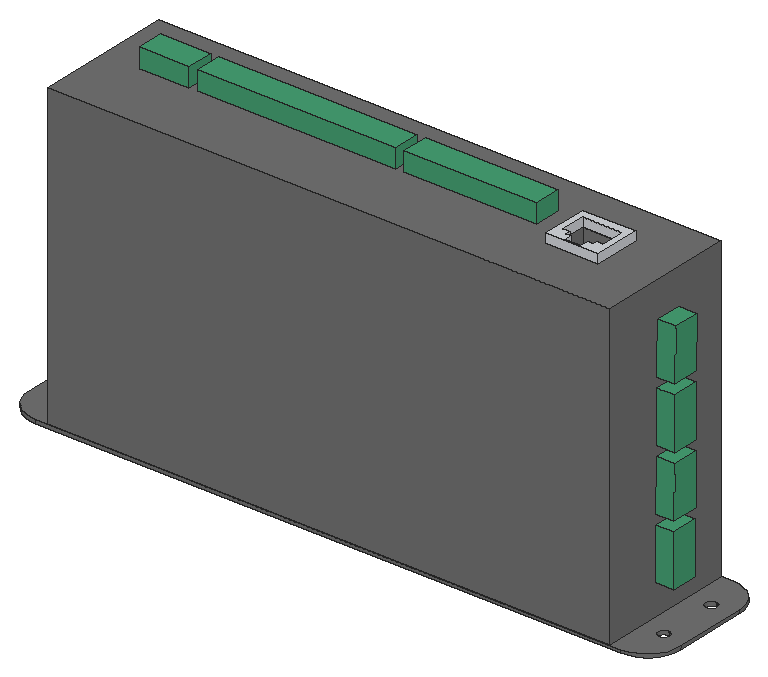
Revit family "Б408_RV17_LOD400 (04.11.23)", category Электрооборудование, Revit 2017
Family settings
  Конфигурация панели = Два столбца, слева направо
  Размер круглого соединителя = Использовать диаметр
  Тип детали = Щит
  На основе рабочей плоскости = Да
  Всегда вертикально = Нет
  При загрузке вырезать с полостями = Нет
  Общий = Нет
  Точка расчета площади = Нет
Parameters (values of type "Б408")
  Стандарт интерфейса связи = "10 Base-T Ethernet (гнездо RJ-45)"
  Смещение_УГО_Y [instance] = 0 mm
  Смещение_УГО_X [instance] = 0 mm
  Раздел проекта [instance] = ""
  Раздел Спецификации [instance] = ""
  Default Elevation = 1219.2 mm
  Напряжение = "12"
  Максимальный ток, проходящий через реле для 28В, не более, А = 4 A
  Максимальный ток, проходящий через реле для 220В, не более, А = 2 A
  Максимальный потребляемый контроллером ток от сети постоянного тока (без дополнительных внешних потребителей), А = 0.1 A
  Максимальное удаление считывающих устройств от контролера, не более, м = 100 mm
  Максимальное количество подключаемых извещателей = 8
  Максимальное количество ключей (пропусков) = 40000
  Количество реле, шт = 4
  Количество подключаемых устройств, управляемых преграждающих (или исполнительных), шт. = 2
  Количество подключаемых считывающих устройств, не более, шт. = 4
  Интерфейс считывающих устройств = "Wiegand 26, Wiegand 40/42"
  Интерфейс для подключения внешних устройств = "RS-485"
  В_Смещение_УГО_Y [instance] = Смещение_УГО_Y + 2000 mm  # 2000 mm
  В_Смещение_УГО_X [instance] = Смещение_УГО_X + 2000 mm  # 2000 mm
  d_короба = 20 mm
  ADSK_Размер_Длина = 197 mm
  ADSK_Размер_Глубина = 92 mm
  ADSK_Размер_Высота = 42 mm
  ADSK_Примечание = ""
  ADSK_Наименование = "Контроллер Б408"
  ADSK_Масса = 0.7
  ADSK_Марка = "СТВФ.426484.040ПС"
  ADSK_Количество = 1
  ADSK_Завод-изготовитель = "ООО «Основа Безопасности»"  # constant formula
  ADSK_Единица измерения = "шт."  # constant formula
  ADSK_URL страницы изделия = "https://stilsoft.ru/products/b408"
  ADSK_URL документации изделия = ""
Reference planes
  plane 1 "По центру (Вперед/Назад)": y = 0
  plane 2: z = 0
  plane 3 "По центру (Влево/Вправо)": x = 0
  plane 4: y = 2000
  plane 5: x = -2000
  plane 6: x = 0
  plane 7: y = 0
  plane 8: x = 98.5
  plane 9: x = -98.5
  plane 10 "2": y = 92
  plane 11 "3": x = 85
  plane 12 "1": x = -85
  plane 13: z = 92
Forms (mm)
  Extrusion 1, solid, material "корпус", detail levels medium+fine
    sketch origin (0, 20.98, 0) x (0, -1, 0) y (1, 0, 0)
      loop
        line (41.959, -88.436) -> (41.959, 88.436)
        arc (41.959, 88.436) -> (39.011, 95.552) -> (31.895, 98.5) r 10.064
        line (31.895, 98.5) -> (9.998, 98.5)
        arc (9.998, 98.5) -> (2.851, 95.54) -> (-0.109, 88.392) r 10.108
        line (-0.109, 88.392) -> (-0.109, -88.236)
        arc (-0.109, -88.236) -> (2.864, -95.414) -> (10.042, -98.388) r 10.152
        line (10.042, -98.388) -> (32.007, -98.388)
        arc (32.007, -98.388) -> (39.044, -95.473) -> (41.959, -88.436) r 9.952
      loop
        circle (29.894, -91.802) r 1.721
      loop
        circle (12.156, -91.802) r 1.721
      loop
        circle (29.894, 91.802) r 1.721
      loop
        circle (12.156, 91.802) r 1.721
    from 0 to 1
  Extrusion 2, void, detail levels medium+fine
    sketch origin (-85, 15.303, 2.628) x (0, 0, -1) y (0, -1, 0)
      loop
        line (-63.485, 9.023) -> (-63.485, 21.583) -> (-79.485, 21.583) -> (-79.485, 9.023) -> (-63.485, 9.023)
    from 0 to -1
  Extrusion 3, void, detail levels medium+fine
    sketch origin (-85, 15.303, 2.628) x (0, 0, -1) y (0, -1, 0)
      loop
        line (-77.65, 19.686) -> (-77.65, 12.726) -> (-74.548, 12.726) -> (-74.548, 9.686) -> (-68.408, 9.686) -> (-68.408, 12.726) -> (-65.335, 12.726) -> (-65.335, 19.686) -> (-77.65, 19.686)
    from 0 to -10
  Extrusion 4, void, detail levels medium+fine
    sketch origin (-85, 15.303, -15.912) x (0, 0, -1) y (0, -1, 0)
      loop
        line (-62.485, 9.023) -> (-62.485, 21.583) -> (-78.485, 21.583) -> (-78.485, 9.023) -> (-62.485, 9.023)
    from 0 to -1
  Extrusion 5, void, detail levels medium+fine
    sketch origin (-85, 15.303, -15.912) x (0, 0, -1) y (0, -1, 0)
      loop
        line (-76.65, 19.686) -> (-76.65, 12.726) -> (-73.548, 12.726) -> (-73.548, 9.686) -> (-67.408, 9.686) -> (-67.408, 12.726) -> (-64.335, 12.726) -> (-64.335, 19.686) -> (-76.65, 19.686)
    from 0 to -10
  Extrusion 6, void, detail levels medium+fine
    sketch origin (-85, 15.303, -34.452) x (0, 0, -1) y (0, -1, 0)
      loop
        line (-62.485, 9.023) -> (-62.485, 21.583) -> (-78.485, 21.583) -> (-78.485, 9.023) -> (-62.485, 9.023)
    from 0 to -1
  Extrusion 7, void, detail levels medium+fine
    sketch origin (-85, 15.303, -34.452) x (0, 0, -1) y (0, -1, 0)
      loop
        line (-76.65, 19.686) -> (-76.65, 12.726) -> (-73.548, 12.726) -> (-73.548, 9.686) -> (-67.408, 9.686) -> (-67.408, 12.726) -> (-64.335, 12.726) -> (-64.335, 19.686) -> (-76.65, 19.686)
    from 0 to -10
  Extrusion 8, void, detail levels medium+fine
    sketch origin (-85, 15.303, -52.991) x (0, 0, -1) y (0, -1, 0)
      loop
        line (-62.485, 9.023) -> (-62.485, 21.583) -> (-78.485, 21.583) -> (-78.485, 9.023) -> (-62.485, 9.023)
    from 0 to -1
  Extrusion 9, void, detail levels medium+fine
    sketch origin (-85, 15.303, -52.991) x (0, 0, -1) y (0, -1, 0)
      loop
        line (-76.65, 19.686) -> (-76.65, 12.726) -> (-73.548, 12.726) -> (-73.548, 9.686) -> (-67.408, 9.686) -> (-67.408, 12.726) -> (-64.335, 12.726) -> (-64.335, 19.686) -> (-76.65, 19.686)
    from 0 to -10
  Extrusion 10, solid, material "пластик", detail levels medium+fine
    sketch origin (0, 20.135, 92) x (-1, 0, 0) y (0, -1, 0)
      loop
        line (74, 11.948) -> (74, 20.026) -> (59, 20.026) -> (59, 11.948) -> (74, 11.948)
    from 0 to 5.7
  Extrusion 11, solid, material "пластик", detail levels medium+fine
    sketch origin (17.483, 20.135, 92) x (-1, 0, 0) y (0, -1, 0)
      loop
        line (74, 11.948) -> (74, 20.026) -> (14, 20.026) -> (14, 11.948) -> (74, 11.948)
    from 0 to 5.7
  Extrusion 12, solid, material "пластик", detail levels medium+fine
    sketch origin (79.965, 20.135, 92) x (-1, 0, 0) y (0, -1, 0)
      loop
        line (74, 11.948) -> (74, 20.026) -> (34, 20.026) -> (34, 11.948) -> (74, 11.948)
    from 0 to 5.7
  Extrusion 13, solid, detail levels medium+fine
    sketch origin (0, 20.135, 92) x (-1, 0, 0) y (0, -1, 0)
      loop
        line (-53.386, 11.948) -> (-53.386, 25.948) -> (-69.386, 25.948) -> (-69.386, 11.948) -> (-53.386, 11.948)
    from 0 to 2.7
  Extrusion 14, void, detail levels medium+fine
    sketch origin (0, 20.135, 92) x (-1, 0, 0) y (0, -1, 0)
      loop
        line (-55.348, 14.248) -> (-55.348, 21.654) -> (-57.324, 21.654) -> (-57.324, 23.057) -> (-58.862, 23.057) -> (-58.862, 25.58) -> (-63.862, 25.58) -> (-63.862, 23.057) -> (-65.399, 23.057) -> (-65.399, 21.654) -> (-67.375, 21.654) -> (-67.375, 14.248) -> (-55.348, 14.248)
    from 2.7 to -7
  Extrusion 15, solid, material "корпус", detail levels medium+fine
    sketch origin (0, 21.089, -1) x (0, -1, 0) y (1, 0, 0)
      loop
        line (41.959, -85) -> (41.959, 85) -> (0, 85) -> (0, -85) -> (41.959, -85)
    from 2 to 93
  Extrusion 16, solid, material "пластик", detail levels medium+fine
    sketch origin (85, 15.905, 1.837) x (0, 0.009583, 0.999954) y (0, -0.999954, 0.009583)
      loop
        line (79.5, 20.026) -> (63.969, 20.026) -> (63.969, 11.948) -> (79.5, 11.948) -> (79.5, 20.026)
    from 0 to 5.7
  Extrusion 17, solid, material "пластик", detail levels medium+fine
    sketch origin (85, 15.728, -16.653) x (0, 0.009583, 0.999954) y (0, -0.999954, 0.009583)
      loop
        line (79.5, 20.026) -> (63.969, 20.026) -> (63.969, 11.948) -> (79.5, 11.948) -> (79.5, 20.026)
    from 0 to 5.7
  Extrusion 18, solid, material "пластик", detail levels medium+fine
    sketch origin (85, 15.55, -35.143) x (0, 0.009583, 0.999954) y (0, -0.999954, 0.009583)
      loop
        line (79.5, 20.026) -> (63.969, 20.026) -> (63.969, 11.948) -> (79.5, 11.948) -> (79.5, 20.026)
    from 0 to 5.7
  Extrusion 19, solid, material "пластик", detail levels medium+fine
    sketch origin (85, 15.373, -53.633) x (0, 0.009583, 0.999954) y (0, -0.999954, 0.009583)
      loop
        line (79.5, 20.026) -> (63.969, 20.026) -> (63.969, 11.948) -> (79.5, 11.948) -> (79.5, 20.026)
    from 0 to 5.7
Cuts and joins
  Extrusion 14 cuts Extrusion 13
  Extrusion 2, Extrusion 3, Extrusion 4, Extrusion 5, Extrusion 6, Extrusion 7, Extrusion 8, Extrusion 9, Extrusion 14 cuts Extrusion 15
Dimensions and locks
  locked: plane 4 to plane 1 "По центру (Вперед/Назад)" at 2000
  locked: plane 5 to plane 3 "По центру (Влево/Вправо)" at 2000
  "В_Смещение_УГО_X": plane 5 to plane 6
  "В_Смещение_УГО_Y": plane 4 to plane 7
  "ADSK_Размер_Длина": plane 9 to plane 8
  "ADSK_Размер_Глубина": plane 10 "2" to plane 1 "По центру (Вперед/Назад)"
  "ADSK_Размер_Глубина": plane 13 to level
  aligned and locked: level to plane 2
  aligned and locked: Extrusion 10 to cut or joined group 1 (Extrusion 2, Extrusion 3, Extrusion 4, Extrusion 5, Extrusion 6, Extrusion 7, Extrusion 8, Extrusion 9, Extrusion 14, Extrusion 15)
  aligned and locked: Extrusion 11 to cut or joined group 1
  aligned and locked: Extrusion 12 to cut or joined group 1
  aligned and locked: cut or joined group of Extrusion 13, Extrusion 14 to cut or joined group 1
  aligned and locked: cut or joined group 1 to cut or joined group of Extrusion 13, Extrusion 14
  aligned and locked: cut or joined group 1 to cut or joined group 1  (x5)
  aligned and locked: Extrusion 1 to cut or joined group 1
  aligned and locked: Extrusion 19 to cut or joined group 1
  aligned and locked: Extrusion 18 to cut or joined group 1
  aligned and locked: Extrusion 17 to cut or joined group 1
  aligned and locked: Extrusion 16 to cut or joined group 1
Automatic sketch dimensions
  Extrusion 1 sketch curve to plane 8 = 0 mm
  Extrusion 1 sketch curve to plane 1 "По центру (Вперед/Назад)" = 21.089 mm
  Extrusion 1 sketch curve to plane 1 "По центру (Вперед/Назад)" = 10.981 mm
  Extrusion 1 sketch curve to plane 9 = 0.112 mm
  Extrusion 1 sketch curve to plane 1 "По центру (Вперед/Назад)" = 10.937 mm
  Extrusion 1 sketch curve to Extrusion 1 sketch curve = 2.157 mm
  Extrusion 1 sketch curve to Extrusion 1 sketch curve = 2.113 mm  (x2)
  Extrusion 1 sketch curve to plane 9 = 6.698 mm
  Extrusion 1 sketch curve to Extrusion 1 sketch curve = 17.738 mm  (x2)
  Extrusion 1 sketch curve to plane 8 = 6.698 mm
  Extrusion 1 sketch curve to Extrusion 1 sketch curve = 2.001 mm
  plane 11 "3" to Extrusion 1 sketch curve = 3.436 mm
  Extrusion 1 sketch curve to Extrusion 1 sketch curve = 3.566 mm
  Extrusion 1 sketch curve to Extrusion 1 sketch curve = 3.41 mm
  Extrusion 15 sketch curve to plane 12 "1" = 0 mm
  Extrusion 15 sketch curve to plane 11 "3" = 0 mm
  Extrusion 15 sketch curve to plane 1 "По центру (Вперед/Назад)" = 21.089 mm
  plane 1 "По центру (Вперед/Назад)" to Extrusion 15 sketch curve = 20.87 mm
  Extrusion 10 sketch curve to plane 10 "2" = 91.891 mm
  Extrusion 10 sketch curve to plane 10 "2" = 83.813 mm
  Extrusion 10 sketch curve to plane 12 "1" = 26 mm
  Extrusion 10 sketch curve to plane 12 "1" = 11 mm
  Extrusion 11 sketch curve to plane 10 "2" = 91.891 mm
  plane 3 "По центру (Влево/Вправо)" to Extrusion 11 sketch curve = 3.483 mm
  Extrusion 11 sketch curve to plane 12 "1" = 28.483 mm
  Extrusion 11 sketch curve to plane 10 "2" = 83.813 mm
  Extrusion 12 sketch curve to plane 10 "2" = 91.891 mm
  Extrusion 12 sketch curve to plane 10 "2" = 83.813 mm
  Extrusion 12 sketch curve to plane 11 "3" = 39.035 mm
  plane 3 "По центру (Влево/Вправо)" to Extrusion 12 sketch curve = 5.965 mm
  Extrusion 13 sketch curve to plane 11 "3" = 15.614 mm
  Extrusion 13 sketch curve to plane 10 "2" = 97.813 mm
  Extrusion 13 sketch curve to Extrusion 13 sketch curve = 16 mm
  Extrusion 13 sketch curve to plane 10 "2" = 83.813 mm
  Extrusion 14 sketch curve to plane 10 "2" = 86.113 mm
  Extrusion 14 sketch curve to plane 11 "3" = 17.625 mm
  Extrusion 14 sketch curve to Extrusion 14 sketch curve = 1.976 mm  (x2)
  Extrusion 14 sketch curve to Extrusion 14 sketch curve = 1.537 mm  (x2)
  Extrusion 14 sketch curve to Extrusion 14 sketch curve = 5 mm
  Extrusion 14 sketch curve to plane 10 "2" = 93.52 mm  (x2)
  Extrusion 14 sketch curve to Extrusion 14 sketch curve = 1.402 mm  (x2)
  Extrusion 14 sketch curve to Extrusion 14 sketch curve = 2.524 mm
  level to Extrusion 16 sketch curve = 65.918 mm
  Extrusion 16 sketch curve to plane 10 "2" = 87.43 mm
  Extrusion 16 sketch curve to Extrusion 16 sketch curve = 15.531 mm
  Extrusion 16 sketch curve to Extrusion 16 sketch curve = 8.077 mm
  level to Extrusion 17 sketch curve = 47.428 mm
  Extrusion 17 sketch curve to plane 10 "2" = 87.607 mm
  Extrusion 17 sketch curve to Extrusion 17 sketch curve = 15.531 mm
  Extrusion 17 sketch curve to Extrusion 17 sketch curve = 8.077 mm
  level to Extrusion 18 sketch curve = 28.938 mm
  Extrusion 18 sketch curve to plane 10 "2" = 87.784 mm
  Extrusion 18 sketch curve to Extrusion 18 sketch curve = 15.531 mm
  Extrusion 18 sketch curve to Extrusion 18 sketch curve = 8.077 mm
  level to Extrusion 19 sketch curve = 10.448 mm
  Extrusion 19 sketch curve to plane 10 "2" = 87.962 mm
  Extrusion 19 sketch curve to Extrusion 19 sketch curve = 15.531 mm
  Extrusion 19 sketch curve to Extrusion 19 sketch curve = 8.077 mm
  Extrusion 2 sketch curve to plane 13 = 9.887 mm
  Extrusion 2 sketch curve to Extrusion 2 sketch curve = 16 mm
  Extrusion 2 sketch curve to plane 10 "2" = 85.72 mm
  Extrusion 2 sketch curve to Extrusion 2 sketch curve = 12.56 mm
  Extrusion 3 sketch curve to plane 13 = 11.722 mm
  Extrusion 3 sketch curve to Extrusion 3 sketch curve = 3.102 mm
  Extrusion 3 sketch curve to Extrusion 3 sketch curve = 6.139 mm
  Extrusion 3 sketch curve to Extrusion 3 sketch curve = 3.074 mm
  Extrusion 3 sketch curve to plane 10 "2" = 86.383 mm
  Extrusion 3 sketch curve to Extrusion 3 sketch curve = 3.04 mm  (x2)
  Extrusion 3 sketch curve to Extrusion 3 sketch curve = 6.96 mm
  level to Extrusion 4 sketch curve = 62.573 mm
  Extrusion 4 sketch curve to Extrusion 4 sketch curve = 16 mm
  Extrusion 4 sketch curve to plane 10 "2" = 85.72 mm
  Extrusion 4 sketch curve to Extrusion 4 sketch curve = 12.56 mm
  level to Extrusion 5 sketch curve = 60.738 mm
  Extrusion 5 sketch curve to Extrusion 5 sketch curve = 3.102 mm
  Extrusion 5 sketch curve to Extrusion 5 sketch curve = 6.139 mm
  Extrusion 5 sketch curve to Extrusion 5 sketch curve = 3.074 mm
  Extrusion 5 sketch curve to plane 10 "2" = 86.383 mm
  Extrusion 5 sketch curve to Extrusion 5 sketch curve = 3.04 mm  (x2)
  Extrusion 5 sketch curve to Extrusion 5 sketch curve = 6.96 mm
  level to Extrusion 6 sketch curve = 44.033 mm
  level to Extrusion 6 sketch curve = 28.033 mm
  Extrusion 6 sketch curve to plane 10 "2" = 85.72 mm
  Extrusion 6 sketch curve to Extrusion 6 sketch curve = 12.56 mm
  level to Extrusion 7 sketch curve = 42.199 mm
  Extrusion 7 sketch curve to Extrusion 7 sketch curve = 3.102 mm
  level to Extrusion 7 sketch curve = 32.957 mm
  level to Extrusion 7 sketch curve = 29.883 mm
  Extrusion 7 sketch curve to plane 10 "2" = 86.383 mm
  Extrusion 7 sketch curve to Extrusion 7 sketch curve = 3.04 mm  (x2)
  Extrusion 7 sketch curve to Extrusion 7 sketch curve = 6.96 mm
  level to Extrusion 8 sketch curve = 25.493 mm
  Extrusion 8 sketch curve to Extrusion 8 sketch curve = 16 mm
  Extrusion 8 sketch curve to plane 10 "2" = 85.72 mm
  Extrusion 8 sketch curve to Extrusion 8 sketch curve = 12.56 mm
  level to Extrusion 9 sketch curve = 23.659 mm
  Extrusion 9 sketch curve to Extrusion 9 sketch curve = 3.102 mm
  Extrusion 9 sketch curve to Extrusion 9 sketch curve = 6.139 mm
  Extrusion 9 sketch curve to Extrusion 9 sketch curve = 3.074 mm
  Extrusion 9 sketch curve to plane 10 "2" = 86.383 mm
  Extrusion 9 sketch curve to Extrusion 9 sketch curve = 3.04 mm  (x2)
  Extrusion 9 sketch curve to Extrusion 9 sketch curve = 6.96 mm
  radius of Extrusion 1 sketch curve = 1.721 mm  (x4)
Connectors
  electrical at (-75, 1.597, 74.113)
    settings: on cut or joined group 1, index 1, voltage 0 V, apparent load 0 VA, apparent load phase1 0 VA, apparent load phase2 0 VA, apparent load phase3 0 VA, power factor 1, load classification "Прочее", number of poles 1, system type 14, power factor state 1, is connector primary yes, connector utility no, sub classification motor no, connector description ""
  electrical at (-75, 1.597, 54.574)
    settings: on cut or joined group 1, index 2, voltage 0 V, apparent load 0 VA, apparent load phase1 0 VA, apparent load phase2 0 VA, apparent load phase3 0 VA, power factor 1, load classification "Прочее", number of poles 1, system type 14, power factor state 1, is connector primary no, connector utility no, sub classification motor no, connector description ""
  electrical at (-75, 1.597, 36.034)
    settings: on cut or joined group 1, index 3, voltage 0 V, apparent load 0 VA, apparent load phase1 0 VA, apparent load phase2 0 VA, apparent load phase3 0 VA, power factor 1, load classification "Прочее", number of poles 1, system type 14, power factor state 1, is connector primary no, connector utility no, sub classification motor no, connector description ""
  electrical at (-75, 1.597, 17.494)
    settings: on cut or joined group 1, index 4, voltage 0 V, apparent load 0 VA, apparent load phase1 0 VA, apparent load phase2 0 VA, apparent load phase3 0 VA, power factor 1, load classification "Прочее", number of poles 1, system type 14, power factor state 1, is connector primary no, connector utility no, sub classification motor no, connector description ""
  cabletrayconduit at (-75, 1.597, 74.113), diameter 20, driven by "d_короба"
    settings: on cut or joined group 1, index 5, connector width 300 mm, connector height 300 mm, connector angle 0.00°, system type 32, placement type 0, profile type 0, connector reference index -1, is primary connector yes, connector utility param no, connector description ""
  cabletrayconduit at (-75, 1.597, 54.574), diameter 20, driven by "d_короба"
    settings: on cut or joined group 1, index 6, connector width 300 mm, connector height 300 mm, connector angle 0.00°, system type 32, placement type 0, profile type 0, connector reference index -1, is primary connector no, connector utility param no, connector description ""
  cabletrayconduit at (-75, 1.597, 36.034), diameter 20, driven by "d_короба"
    settings: on cut or joined group 1, index 7, connector width 300 mm, connector height 300 mm, connector angle 0.00°, system type 32, placement type 0, profile type 0, connector reference index -1, is primary connector no, connector utility param no, connector description ""
  cabletrayconduit at (-75, 1.597, 17.494), diameter 20, driven by "d_короба"
    settings: on cut or joined group 1, index 8, connector width 300 mm, connector height 300 mm, connector angle 0.00°, system type 32, placement type 0, profile type 0, connector reference index -1, is primary connector no, connector utility param no, connector description ""
  electrical at (61.362, -1.407, 85)
    settings: on cut or joined group 1, index 9, voltage 0 V, apparent load 0 VA, apparent load phase1 0 VA, apparent load phase2 0 VA, apparent load phase3 0 VA, power factor 1, load classification "Прочее", number of poles 1, system type 14, power factor state 1, is connector primary no, connector utility no, sub classification motor no, connector description ""
  cabletrayconduit at (61.362, -1.407, 85), diameter 20, driven by "d_короба"
    settings: on cut or joined group 1, index 10, connector width 300 mm, connector height 300 mm, connector angle 0.00°, system type 32, placement type 0, profile type 0, connector reference index -1, is primary connector no, connector utility param no, connector description ""
